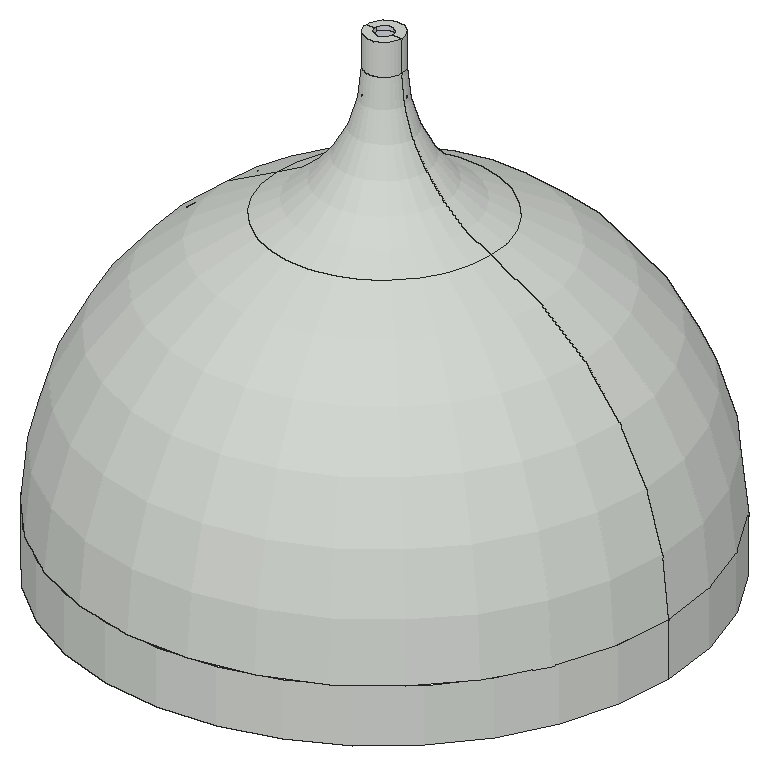
Revit family "PEQ SHADE", category Lighting Fixtures, Revit 2024
Family settings
  Round Connector Dimension = Use Diameter
  Part Type = Normal
  OmniClass Number = 23.80.70.00
  OmniClass Title = Lighting
  Work Plane-Based = No
  Always vertical = Yes
  Cut with Voids When Loaded = No
  Light Source = Yes
  Maintain Annotation Orientation = No
  Shared = No
  Room Calculation Point = No
Parameters
  Wattage = 12.1178 W
  built-in parameter 1150110 = 1 (stored number, unit not read)
  built-in parameter 1114217 = 1 (stored number, unit not read)
  built-in parameter 1150109 = 1 (stored number, unit not read)
  built-in parameter 1150134 = (empty or 0)
  built-in parameter 1150113 = 1 (stored number, unit not read)
  Lumens = 1800 lm
  built-in parameter 1150115 = 1 (stored number, unit not read)
  built-in parameter 1150105 = 572.96 (stored number, unit not read)
  Light Source Symbol Size = 2' - 0"
  built-in parameter 1150137 = (empty or 0)
  built-in parameter 1150139 = (empty or 0)
  built-in parameter 1150112 = 1 (stored number, unit not read)
  built-in parameter 1150114 = 1 (stored number, unit not read)
  built-in parameter 1150132 = 2
  built-in parameter 1150102 = (empty or 0)
  built-in parameter 1150138 = (empty or 0)
  built-in parameter 1150107 = 3000 (stored number, unit not read)
  built-in parameter 1150106 = 5.7296 (stored number, unit not read)
  built-in parameter 1150104 = 13.8 (stored number, unit not read)
  Dimming Lamp Color Temperature Shift = (empty or 0)
  Default Elevation = 0' - 0"
  Color Filter = 16777215
  built-in parameter 1114218 = 1 (stored number, unit not read)
  built-in parameter 1150133 = 10 (stored number, unit not read)
Reference planes (in)
  plane 1 "Light Source Axis (F/B)": y = 0
  plane 2: z = 0
  plane 3 "Light Source Axis (L/R)": x = 0
  plane 4 "Light Source Elevation": z = 84
Forms (in)
  Revolve 1, solid
    sketch origin (0, 0, 0) x (1, 0, 0) y (0, 0, 1)
      loop
        line (-0.25, 97.5) -> (-0.5, 97.5) -> (-0.5, 96.6243)
        arc (-0.5, 96.6243) -> (-1.18338, 94.38823) -> (-3, 92.9162) r 4
        arc (-3, 92.9162) -> (-6.63325, 89.97214) -> (-8, 85.5) r 8
        line (-8, 85.5) -> (-8, 84) -> (-7.90625, 84) -> (-7.90625, 85.5)
        arc (-7.90625, 85.5) -> (-6.55552, 89.91973) -> (-2.96484, 92.82929) r 7.90625
        arc (-2.96484, 92.82929) -> (-1.10564, 94.33582) -> (-0.40625, 96.6243) r 4.09375
        line (-0.40625, 96.6243) -> (-0.40625, 97.40625) -> (-0.25, 97.40625) -> (-0.25, 97.5)
      axis (0, 84) -> (0, 97.5)
    angle from 0 to 360
Dimensions and locks (in)
  aligned and locked: plane 4 "Light Source Elevation" to imposter light
  aligned and locked: level to plane 2
